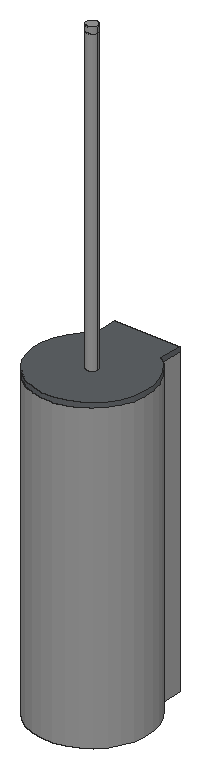
Revit family "KEUCO_34964010100", category Möbel, Revit 2016
Family settings
  Arbeitsebenenbasiert = Nein
  Immer vertikal = Ja
  Beim Laden mit Abzugskörper schneiden = Nein
  Gemeinsam genutzt = Nein
  Raumberechnungspunkt = Nein
Parameters (values of type "34964010100")
  Verwendung = "GWC / WC"  # constant formula
  URL = "https://www.keuco.com/de/produkte/sortiment/artikel/?pid=34964&oid=1&pgo=15&country=de&lang=de&vid=34964010100"
  Serie = "Plan"  # constant formula
  Preisgruppe = "1"  # constant formula
  Materialien bei Hersteller anfragen = "Anfrage zu:  objektmanagement@keuco.de"
  Kategorie = "ACC"  # constant formula
  Hersteller = "KEUCO"  # constant formula
  Höhe 2 = 278 mm
  Höhe 1 = 558 mm
  Gewicht = 0.628  # constant formula
  Beschreibung = "mit Kunststoff-Einsatz, Bürste mit verlängertem Griff\r\nund Ersatzbürstenkopf"
  Material Abdeckung = Schwarzgrau
  Material Bürste = Stahl, verchromt
  Ausschreibungstext = "KEUCO PLAN CARE Toilettenbürstengarnitur 34964010100\r\nhochglanzverchromte Toilettenbürstengarnitur \r\nin ästhetischem, funktionalem Design,\r\nWandmodell, komplett mit Kunststoff-Einsatz, \r\nBürste mit verlängertem Griff und Ersatzbürstenkopf,\r\nherausnehmbarer Kunststoffeinsatz für leichtes Reinigen\r\nHöhe 278 mm (Höhe inklusive Bürste 563 mm), \r\nDurchmesser 104 mm, Ausladung 114 mm\r\nDie Toilettenbürstengarnitur wird verdeckt angebracht\r\nLieferung inkl. korrosionsfreiem Befestigungsmaterial"
  Artikelnummer = "34964010100"
Types (3, lengths in mm): name | URL | Materialien bei Hersteller anfragen | Beschreibung | Material Bürste | Ausschreibungstext | Artikelnummer
  (no name) | "https://www.keuco.com" | "Request to:  objektmanagement@keuco.de" | "--" | Stahl, verchromt | "" | "34964010100"
  34964010100 | "https://www.keuco.com/de/produkte/sortiment/artikel/?pid=34964&oid=1&pgo=15&country=de&lang=de&vid=34964010100" | "Anfrage zu:  objektmanagement@keuco.de" | "mit Kunststoff-Einsatz, Bürste mit verlängertem Griff\r\nund Ersatzbürstenkopf" | Stahl, verchromt | "KEUCO PLAN CARE Toilettenbürstengarnitur 34964010100\r\nhochglanzverchromte Toilettenbürstengarnitur \r\nin ästhetischem, funktionalem Design,\r\nWandmodell, komplett mit Kunststoff-Einsatz, \r\nBürste mit verlängertem Griff und Ersatzbürstenkopf,\r\nherausnehmbarer Kunststoffeinsatz für leichtes Reinigen\r\nHöhe 278 mm (Höhe inklusive Bürste 563 mm), \r\nDurchmesser 104 mm, Ausladung 114 mm\r\nDie Toilettenbürstengarnitur wird verdeckt angebracht\r\nLieferung inkl. korrosionsfreiem Befestigungsmaterial" | "34964010100"
  34964170100 | "https://www.keuco.com/de/produkte/sortiment/artikel/?pid=34964&oid=1&pgo=15&country=de&lang=de&vid=34964170100" | "Request to:  objektmanagement@keuco.de" | "mit Kunststoff-Einsatz, Bürste mit verlängertem Griff\r\nund Ersatzbürstenkopf" | Aluminium 1100-H18 | "KEUCO PLAN CARE Toilettenbürstengarnitur 34964170100\r\nToilettenbürstengarnitur in Aluminium silber-eloxiert (E6 EV1),\r\nin ästhetischem, funktionalem Design,\r\nWandmodell, komplett mit Kunststoff-Einsatz, \r\nBürste mit verlängertem Griff und Ersatzbürstenkopf,\r\nherausnehmbarer Kunststoffeinsatz für leichtes Reinigen\r\nHöhe 278 mm (Höhe inklusive Bürste 563 mm), \r\nDurchmesser 104 mm, Ausladung 114 mm\r\nDie Toilettenbürstengarnitur wird verdeckt angebracht\r\nLieferung inkl. korrosionsfreiem Befestigungsmaterial" | "34964170100"
Reference planes
  plane 1 "Center (Front/Back)": y = 0
  plane 2: z = 0
  plane 3 "Center (Left/Right)": x = 0
  plane 4: z = 563.391
Forms (mm)
  Extrusion 1, solid, material "Stahl, verchromt" <- "Material Bürste"
    sketch origin (0, 0, 0) x (1, 0, 0) y (0, 1, 0)
      loop
        arc (-29.943, -21.695) -> (0, -113.98) -> (29.943, -21.695) r 51
        line (29.943, -21.695) -> (29.943, 0) -> (-29.943, 0) -> (-29.943, -21.695)
    from 0 to 278
  Extrusion 2, solid, material "Schwarzgrau" <- "Material Abdeckung", detail levels medium+fine
    sketch origin (0, 0, 0) x (1, 0, 0) y (0, 1, 0)
      loop
        arc (-29.943, -21.695) -> (0, -113.98) -> (29.943, -21.695) r 51
        line (29.943, -21.695) -> (29.943, 0) -> (-29.943, 0) -> (-29.943, -21.695)
    from 278 to 282.563
  Extrusion 3, solid, material "Stahl, verchromt" <- "Material Bürste", detail levels medium+fine
    sketch origin (0, 0, 0) x (1, 0, 0) y (0, 1, 0)
      loop
        circle (0, -62.98) r 5
    from 282.563 to 558
  Extrusion 4, solid, material "Stahl, verchromt" <- "Material Bürste", detail levels medium+fine
    sketch origin (0, 0, 0) x (1, 0, 0) y (0, 1, 0)
      loop
        circle (0, -62.98) r 5
    from 558 to 563.411
Lines and regions (mm)
  symbolic lines
    curve 1: line (-29.943, 0, 0) -> (-29.943, -21.695, 0)
    curve 2: arc (-29.943, -21.695, 0) -> (0, -113.98, 0) -> (29.943, -21.695, 0) r 51
    curve 3: line (29.943, -21.695, 0) -> (29.943, 0, 0)
    curve 4: line (29.943, 0, 0) -> (-29.943, 0, 0)
  symbolic lines, detail levels fine
    curve 5: circle (0, -62.98, 0) r 5 normal (0, 0, 1)
Dimensions and locks
  "Höhe 2": Extrusion 1 to level
  locked: Extrusion 2 to Extrusion 2 at 4.563  (x2)
  "Höhe 1": Extrusion 3 to level
  locked: Extrusion 4 to Extrusion 3 at 5.411
  plane 4 to plane 2 = 563.391 mm
  Extrusion 2 to plane 2 = 282.563 mm
  aligned and locked: level to plane 2
  aligned and locked: Extrusion 3 to Extrusion 2
  aligned and locked: Extrusion 2 to Extrusion 1
Automatic sketch dimensions
  curve 2 to curve 5 = 0 mm  (x2)
  plane 1 "Center (Front/Back)" to curve 4 = 0 mm
  curve 2 to plane 3 "Center (Left/Right)" = 0 mm
  curve 1 to plane 3 "Center (Left/Right)" = 29.943 mm
  plane 3 "Center (Left/Right)" to curve 4 = 29.943 mm
  plane 1 "Center (Front/Back)" to curve 3 = 21.695 mm
  curve 5 to curve 3 = 41.285 mm
  plane 1 "Center (Front/Back)" to Extrusion 1 sketch curve = 0 mm
  Extrusion 1 sketch curve to plane 3 "Center (Left/Right)" = 0 mm
  Extrusion 1 sketch curve to plane 3 "Center (Left/Right)" = 29.943 mm
  plane 3 "Center (Left/Right)" to Extrusion 1 sketch curve = 29.943 mm
  plane 1 "Center (Front/Back)" to Extrusion 1 sketch curve = 21.695 mm
  Extrusion 1 sketch curve to Extrusion 1 sketch curve = 41.285 mm
  plane 1 "Center (Front/Back)" to Extrusion 2 sketch curve = 0 mm
  Extrusion 2 sketch curve to plane 3 "Center (Left/Right)" = 0 mm
  Extrusion 2 sketch curve to plane 3 "Center (Left/Right)" = 29.943 mm
  plane 3 "Center (Left/Right)" to Extrusion 2 sketch curve = 29.943 mm
  plane 1 "Center (Front/Back)" to Extrusion 2 sketch curve = 21.695 mm
  Extrusion 2 sketch curve to Extrusion 2 sketch curve = 41.285 mm
  Extrusion 3 sketch curve to plane 3 "Center (Left/Right)" = 0 mm
  plane 1 "Center (Front/Back)" to Extrusion 3 sketch curve = 62.98 mm
  Extrusion 4 sketch curve to plane 3 "Center (Left/Right)" = 0 mm
  plane 1 "Center (Front/Back)" to Extrusion 4 sketch curve = 62.98 mm
  radius of curve 5 = 5 mm
  radius of Extrusion 3 sketch curve = 5 mm
  radius of Extrusion 4 sketch curve = 5 mm
